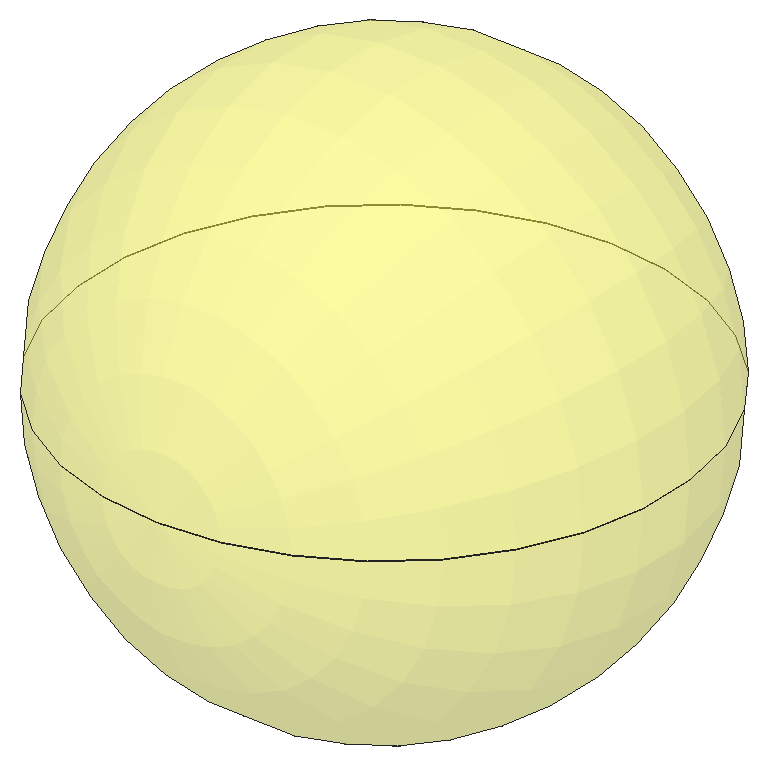
Revit family "ClashPoint", category Обобщенные модели, Revit 2018
Family settings
  Может служить основой для арматурных стержней = Нет
  Размер круглого соединителя = Использовать диаметр
  Тип детали = Нормальный
  На основе рабочей плоскости = Нет
  Всегда вертикально = Да
  При загрузке вырезать с полостями = Нет
  Общий = Нет
  Точка расчета площади = Нет
Parameters (values of type "ClashPoint")
  Комментарии к типоразмеру = "ClashPoint"  # constant formula
  Ключевая пометка = "SYS"  # constant formula
  Группа модели = "NavisWorks"  # constant formula
Reference planes
  plane 1 "По центру (Вперед/Назад)": y = 0
  plane 2: z = 0
  plane 3 "По центру (Влево/Вправо)": x = 0
Forms (mm)
  Revolve 1, solid, material "NavisWorks_ClashObject"
    sketch origin (0, 0, 0) x (1, 0, 0) y (0, 1, 0)
      loop
        arc (0, 500) -> (-500, 0) -> (0, -500) r 500
        line (0, -500) -> (0, 500)
      axis (0, 500) -> (0, -500)
    angle from 0 to 360
Lines and regions (mm)
  model lines, style "NavisWorks_ClashPoint"
    curve 1: circle (0, 0, 0) r 500 normal (0, 0, 1)
    curve 2: circle (0, 0, 0) r 500 normal (0, -1, 0)
    curve 3: circle (0, 0, 0) r 500 normal (1, 0, 0)
    curve 4: line (0, -750, 0) -> (0, 750, 0)
    curve 5: line (-750, 0, 0) -> (750, 0, 0)
    curve 6: line (0, 0, -750) -> (0, 0, 750)
Dimensions and locks
  aligned and locked: level to plane 2
